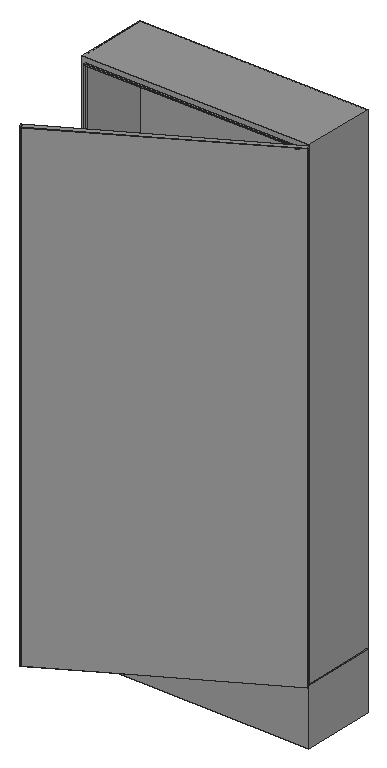
Revit family "Hager-Univers-IP55-D275-H1900-Cl.I-Steel_encl-NoHosted-PL-en", category Equipement électrique, Revit 2020
Family settings
  Configuration du panneau = Deux colonnes, circuits au sein
  Cote de connecteur circulaire = Utiliser le diamètre
  Type d'élément = Tableau de raccordement
  Basée sur le plan de construction = Oui
  Toujours verticalement = Oui
  Couper avec des vides une fois chargée = Non
  Partagée = Non
  Point de calcul de pièce = Non
Parameters (values of type "Floor installation IP55 W800 H1900 D275  - FR13E2")
  Width Control [instance] = if([EF000008 - Width] > Min Width, [EF000008 - Width], Min Width)  # 800 mm
  Commentaires du type = [HG000003 - Range]  # "Univers"
  Thickness Door [instance] = if([EF009171 - Material plate thickness door/cover] > 3 mm, 3 mm, [EF009171 - Material plate thickness door/cover])  # 1.5 mm
  Seal Frame Offset [instance] = 17 mm  # constant formula
  Plinth Visibility [instance] = [HG000027 - Plinth height] > 0 mm  # yes
  Min Width [instance] = 100 mm  # constant formula
  Min Depth [instance] = (2 * [EF009170 - Material plate thickness cabinet]) + 1 mm  # 4 mm
  Min Height [instance] = 100 mm  # constant formula
  Internal Frame Depth [instance] = (Door System Depth * 0.5)  # 9 mm
  Panel Name [instance] = ""  # (empty or 0)
  Model = ""
  HG000027 - Plinth height = 200 mm
  HG000026 - Floor standing = yes
  HG000024 - Bottom section height = 600 mm
  HG000023 - Double section enclosure = no
  HG000016 - Door 3d visibility [instance] = yes
  HG000015 - Clearance visibility [instance] = no
  HG000014 - Door on the right [instance] = yes
  HG000013 - Door on the left [instance] = not([HG000014 - Door on the right])  # no
  HG000012 - Door swing angle [instance] = 30.00°
  HG000010 - Asymmetric doors = no
  HG000009 - Double swing door = no
  HG000006 - Flush mounted = no
  HG000004 - Manufacturer reference = "FR13E2"
  HG000003 - Range = "Univers"
  HG000002 - With door or cover = yes
  Frame Offset Bottom [instance] = 10 mm  # constant formula
  Frame Offset [instance] = 15 mm  # constant formula
  EF015940 - Cover with overpressure release = no
  EF011959 - Degree of protection (NEMA) = ""
  EF009554 - Number of openings for flange plates = 6
  EF009212 - Cover model = "EV000116 - Closed"
  EF009171 - Material plate thickness door/cover = 1.5 mm
  EF009170 - Material plate thickness cabinet = 1.5 mm
  EF008873 - Nominal current (In) = 800 A
  EF007800 - Suitable for lightning protection = no
  EF006306 - With lock = no
  EF006244 - Transparent cover/door = no
  EF005474 - Degree of protection (IP) = "EV006420 - IP55"
  EF004464 - Type of door = "EV002646 - Single"
  EF004427 - Number of modules = 396
  EF004293 - Impact strength = "EV008784 - IK10"
  EF003532 - Suitable for outdoor use = no
  EF002950 - Width in number of modular spacings = 24
  EF001613 - Circuit integrity = "EV000494 - None"
  EF001596 - Material housing = "EV000179 - Steel"
  EF001131 - Internal depth = 275 mm
  EF001088 - Extension possible = yes
  EF000437 - Number of conduit inlets = 6
  EF000339 - Type of cover = "EV004216 - Door"
  EF000266 - Number of rows = 11
  EF000218 - Built-in depth = 0 mm
  EF000118 - With mounting plate = no
  EF000116 - RAL-number = "7035"
  EF000049 - Depth = 275 mm
  EF000040 - Height = 1900 mm
  EF000008 - Width = 800 mm
  EF000007 - Colour = "EV000270 - Grey"
  EF000003 - Mounting method = "EV012274 - Floor installation"
  Door System Leaf Tolerance [instance] = 1.5 mm  # constant formula
  Door System Depth [instance] = 18 mm  # constant formula
  Door Height [instance] = Height Control - [HG000027 - Plinth height]  # 1700 mm
  Description = ""
  Default Elevation = 1219.2 mm
  Connector Offset [instance] = Height Control / 2  # 950 mm
  Fabricant = "Hager"  # constant formula
  Height Control [instance] = if([EF000040 - Height] > Min Height, [EF000040 - Height], Min Height)  # 1900 mm
  Depth Control [instance] = if([EF000049 - Depth] > Min Depth, [EF000049 - Depth], Min Depth)  # 275 mm
  Bottom Top Plate Trim [instance] = 1.5 mm  # constant formula
  Plinth height Ctrl [instance] = if([HG000027 - Plinth height] > 0 mm, [HG000027 - Plinth height], 12 mm)  # 200 mm
Types (5, lengths in mm): name | Width Control | HG000010 - Asymmetric doors | HG000009 - Double swing door | HG000004 - Manufacturer reference | EF009554 - Number of openings for flange plates | EF004464 - Type of door | EF004427 - Number of modules | EF000437 - Number of conduit inlets | EF000008 - Width
  Floor installation IP55 W1050 H1900 D275  - FR14E2 | 1050 | yes | yes | "FR14E2" | 8 | "EV003602 - Double" | 528 | 8 | 1050
  Floor installation IP55 W1300 H1900 D275  - FR15E2 | 1300 | yes | yes | "FR15E2" | 10 | "EV003602 - Double" | 660 | 10 | 1300
  Floor installation IP55 W300 H1900 D275  - FR11E2 | 300 | no | no | "FR11E2" | 2 | "EV002646 - Single" | 132 | 2 | 300
  Floor installation IP55 W550 H1900 D275  - FR12E2 | 550 | no | no | "FR12E2" | 4 | "EV002646 - Single" | 264 | 4 | 550
  Floor installation IP55 W800 H1900 D275  - FR13E2 | 800 | no | no | "FR13E2" | 6 | "EV002646 - Single" | 396 | 6 | 800
Reference planes
  plane 1 "Center (Front/Back)": y = 0
  plane 2: z = 0
  plane 3 "Center (Left/Right)": x = 0
  plane 4: y = 0
  plane 5: y = 0
  plane 6: z = 0
  plane 7: x = -400
  plane 8: x = 400
  plane 9: x = 398.5
  plane 10: x = -398.5
  plane 11: z = 200
  plane 12: z = 201.5
  plane 13: y = -275
  plane 14: y = -1.5
  plane 15: x = 0
  plane 16: y = -257
  plane 17: y = -273.5
  plane 18: y = -255.5
  plane 19: x = -383.5
  plane 20: x = 383.5
  plane 21: z = 211.5
  plane 22: x = -383
  plane 23: x = 383
  plane 24: z = 200
  plane 25: z = 1900
  plane 26: z = 1900
  plane 27: z = 1883.5
  plane 28: z = 1898.5
Forms (mm)
  Extrusion 1, solid, material "Hager_Steel_RAL7035_Light_Grey", detail levels medium+fine
    sketch origin (-208.679, -4572, 200) x (-1, 0, 0) y (0, -1, 0)
      loop
        line (191.321, -4315) -> (-608.679, -4315) -> (-608.679, -4572) -> (191.321, -4572) -> (191.321, -4315)
    from 0 to 1700
  Extrusion 2, void
    sketch origin (-350.771, -275, 1219.2) x (1, 0, 0) y (0, 0, 1)
      loop
        line (-47.729, 679.3) -> (-47.729, -1017.7) -> (749.271, -1017.7) -> (749.271, 679.3) -> (-47.729, 679.3)
    from -19.5 to -273.5
  Extrusion 3, void
    sketch origin (-290.084, -257, 1219.2) x (1, 0, 0) y (0, 0, 1)
      loop
        line (-93.416, -1007.7) -> (673.584, -1007.7) -> (673.584, 664.3) -> (-93.416, 664.3) -> (-93.416, -1007.7)
    from 0 to -1.5
  Extrusion 4, solid, material "Hager_Steel_RAL7035_Light_Grey", visible <- "Plinth Visibility", detail levels medium+fine
    sketch origin (0, 0, 0) x (1, 0, 0) y (0, 1, 0)
      loop
        line (-400, 0) -> (-400, -257) -> (400, -257) -> (400, 0) -> (-400, 0)
    from 0 to 200 <- "Plinth height Ctrl"
  Extrusion 5, solid, material "Hager_Steel_RAL7035_Light_Grey", detail levels coarse
    sketch origin (0, 0, 0) x (1, 0, 0) y (0, 1, 0)
      loop
        line (-400, 0) -> (-400, -275) -> (400, -275) -> (400, 0) -> (-400, 0)
    from 0 to 1900 <- "Height Control"
  Sweep 6, void
    path in 3D
      loop
        line (-400, -257, 200) -> (400, -257, 200) -> (400, 0, 200) -> (-400, 0, 200) -> (-400, -257, 200)
    profile origin (-400, -128.5, 200) x (1, 0, 0) y (0, 0, 1)
      loop
        line (0, 0) -> (0, -1.5) -> (1.5, -1.5)
        arc (1.5, -1.5) -> (1.061, -0.439) -> (0, 0) r 1.5
  Extrusion 7, solid, material "Hager_Steel_RAL7035_Light_Grey", detail levels fine
    sketch origin (-400, -257, 200) x (1, 0, 0) y (0, 0, 1)
      loop
        line (16.5, 11.5) -> (783.5, 11.5) -> (783.5, 1683.5) -> (16.5, 1683.5) -> (16.5, 11.5)
      loop
        line (15, 10) -> (785, 10) -> (785, 1685) -> (15, 1685) -> (15, 10)
    from 0 to 9 <- "Internal Frame Depth"
Cuts and joins
  Extrusion 2, Extrusion 3 cuts Extrusion 1
  Sweep 6 cuts Extrusion 4
Lines and regions (mm)
  Masking region 1
    outline origin (0, 0, 0) x (1, 0, 0) y (0, 1, 0)
      loop
        line (-400, 0) -> (-400, -275) -> (400, -275) -> (400, 0) -> (-400, 0)
  Masking region 2, detail levels coarse
    outline origin (-290.084, -257, 1219.2) x (-1, 0, 0) y (0, 0, 1)
      loop
        line (-690.084, -1219.2) -> (109.916, -1219.2) -> (109.916, 680.8) -> (-690.084, 680.8) -> (-690.084, -1219.2)
  Masking region 3, detail levels coarse
    outline origin (0, 0, 0) x (0, 1, 0) y (0, 0, 1)
      loop
        line (0, 0) -> (0, 1900) -> (-275, 1900) -> (-275, 0) -> (0, 0)
  Masking region 4, visible <- "Plinth Visibility", detail levels medium+fine
    outline origin (0, 0, 0) x (0, 1, 0) y (0, 0, 1)
      loop
        line (-1.5, 200) -> (-255.5, 200)
        arc (-255.5, 200) -> (-255.939, 198.939) -> (-257, 198.5) r 1.5
        line (-257, 198.5) -> (-257, 0) -> (0, 0) -> (0, 198.5)
        arc (0, 198.5) -> (-1.061, 198.939) -> (-1.5, 200) r 1.5
  Masking region 5, detail levels medium+fine
    outline origin (0, 0, 594.038) x (0, 1, 0) y (0, 0, 1)
      loop
        line (0, -394.038) -> (0, 1305.962) -> (-257, 1305.962) -> (-257, -394.038) -> (0, -394.038)
  Masking region 6, detail levels medium+fine
    outline origin (-359.7, -257, 1211.883) x (-1, 0, 0) y (0, 0, 1)
      loop
        line (-759.7, -1011.883) -> (40.3, -1011.883) -> (40.3, 688.117) -> (-759.7, 688.117) -> (-759.7, -1011.883)
  Masking region 7, visible <- "Plinth Visibility", detail levels medium+fine
    outline origin (-320.334, -257, 1041.368) x (-1, 0, 0) y (0, 0, 1)
      loop
        line (-720.334, -1041.368) -> (79.666, -1041.368) -> (79.666, -842.868)
        arc (79.666, -842.868) -> (78.606, -842.429) -> (78.166, -841.368) r 1.5
        line (78.166, -841.368) -> (-718.834, -841.368)
        arc (-718.834, -841.368) -> (-719.273, -842.429) -> (-720.334, -842.868) r 1.5
        line (-720.334, -842.868) -> (-720.334, -1041.368)
  sketch lines
    curve 1: line (-400, 0, 200) -> (-400, -257, 200)
    curve 2: line (-400, -257, 200) -> (400, -257, 200)
    curve 3: line (400, 0, 200) -> (-400, 0, 200)
    curve 4: line (400, -257, 200) -> (400, 0, 200)
Dimensions and locks
  locked: plane 1 "Center (Front/Back)" to plane 5
  "EF009170 - Material plate thickness cabinet": plane 7 to plane 10
  "EF009170 - Material plate thickness cabinet": plane 8 to plane 9
  equal spacing: plane 7, plane 3 "Center (Left/Right)", plane 8
  "Width Control": plane 7 to plane 8
  "Depth Control": plane 4 to plane 13
  "EF009170 - Material plate thickness cabinet": plane 4 to plane 14
  "Height Control": plane 25 to level
  "HG000027 - Plinth height": plane 11 to level
  "EF009170 - Material plate thickness cabinet": plane 12 to plane 11
  "EF009170 - Material plate thickness cabinet": plane 17 to plane 13
  "EF009170 - Material plate thickness cabinet": plane 18 to plane 16
  "Frame Offset Bottom": plane 21 to plane 12
  "Frame Offset": plane 10 to plane 19
  "Frame Offset": plane 9 to plane 20
  "Door System Depth": plane 16 to plane 13
  "Seal Frame Offset": plane 7 to plane 22
  "Seal Frame Offset": plane 8 to plane 23
  "EF009170 - Material plate thickness cabinet": plane 26 to plane 28
  "Frame Offset": plane 28 to plane 27
  "Connector Offset": plane 2 to connector elem
  "Bottom Top Plate Trim": profile plane to Sweep 6 sketch curve
  "Bottom Top Plate Trim": Sweep 6 sketch curve to Sweep 6 sketch curve
  "Plinth height Ctrl": Masking region 4 sketch curve to level
  "Plinth height Ctrl": Masking region 7 sketch curve to level
  "Thickness Door": Extrusion 7 sketch curve to Extrusion 7 sketch curve  (x4)
  "Bottom Top Plate Trim": radius of Sweep 6 sketch curve
  "Bottom Top Plate Trim": radius of Masking region 4 sketch curve  (x2)
  "Bottom Top Plate Trim": radius of Masking region 7 sketch curve  (x2)
  aligned and locked: Extrusion 2 sketch curve to plane 12
  aligned and locked: Extrusion 2 sketch curve to plane 9
  aligned and locked: Extrusion 2 sketch curve to plane 10
  aligned and locked: Extrusion 2 to plane 14
  aligned and locked: Extrusion 1 sketch curve to plane 4
  aligned and locked: plane 8 to Extrusion 1 sketch curve
  aligned and locked: plane 7 to Extrusion 1 sketch curve
  aligned and locked: Extrusion 2 to plane 18
  aligned and locked: Extrusion 3 sketch curve to plane 19
  aligned and locked: plane 20 to Extrusion 3 sketch curve
  aligned and locked: Extrusion 3 to Extrusion 2
  aligned and locked: Extrusion 3 sketch curve to plane 21
  aligned and locked: plane 3 "Center (Left/Right)" to nested 1
  aligned and locked: Extrusion 1 sketch curve to plane 16
  aligned and locked: Extrusion 4 sketch curve to cut or joined group of Extrusion 1, Extrusion 2, Extrusion 3
  aligned and locked: Masking region 1 sketch curve to plane 7
  aligned and locked: Masking region 1 sketch curve to plane 5
  aligned and locked: Masking region 1 sketch curve to plane 8
  aligned and locked: Masking region 2 sketch curve to level
  aligned and locked: level to Masking region 3 sketch curve
  aligned and locked: plane 1 "Center (Front/Back)" to Masking region 3 sketch curve
  aligned and locked: plane 13 to Masking region 3 sketch curve
  aligned and locked: plane 5 to Masking region 4 sketch curve
  aligned and locked: Masking region 2 sketch curve to plane 8
  aligned and locked: Masking region 2 sketch curve to plane 7
  aligned and locked: plane 7 to nested 2
  aligned and locked: nested 2 to plane 5
  aligned and locked: plane 5 to Masking region 5 sketch curve
  aligned and locked: plane 26 to Masking region 5 sketch curve
  aligned and locked: Extrusion 5 sketch curve to plane 8
  aligned and locked: Extrusion 5 sketch curve to plane 7
  aligned and locked: Extrusion 5 sketch curve to plane 5
  aligned and locked: Extrusion 3 sketch curve to plane 27
  aligned and locked: Extrusion 2 sketch curve to plane 28
  aligned and locked: Masking region 2 to plane 25
  aligned and locked: Extrusion 4 to plane 16
  aligned and locked: profile plane to Sweep 6 sketch curve
  aligned and locked: Masking region 5 sketch curve to plane 24
  aligned and locked: level to Masking region 4 sketch curve
  aligned and locked: Masking region 1 to plane 13
  aligned and locked: nested 1 to plane 16
  aligned and locked: Masking region 3 to plane 25
  aligned and locked: plane 16 to Masking region 4 sketch curve
  aligned and locked: Masking region 5 sketch curve to plane 16
  aligned and locked: plane 24 to plane 11
  aligned and locked: plane 26 to plane 25
  aligned and locked: plane 26 to cut or joined group of Extrusion 1, Extrusion 2, Extrusion 3
  aligned and locked: nested 1 to plane 24
  aligned and locked: Extrusion 1 to Extrusion 3
  aligned and locked: Masking region 6 sketch curve to plane 8
  aligned and locked: Masking region 6 sketch curve to plane 24
  aligned and locked: Masking region 6 sketch curve to plane 7
  aligned and locked: Masking region 6 sketch curve to plane 26
  aligned and locked: Masking region 7 sketch curve to plane 7
  aligned and locked: level to Masking region 7 sketch curve
  aligned and locked: Masking region 7 sketch curve to plane 8
  aligned and locked: Extrusion 7 sketch curve to cut or joined group of Extrusion 1, Extrusion 2, Extrusion 3  (x4)
Automatic sketch dimensions
  plane 19 to Extrusion 3 sketch curve = 0 mm
  Extrusion 3 sketch curve to plane 20 = 0 mm
  Extrusion 3 sketch curve to plane 21 = 0 mm
  Extrusion 4 sketch curve to plane 7 = 0 mm
  Extrusion 4 sketch curve to plane 8 = 0 mm
  Extrusion 4 sketch curve to plane 16 = 0 mm
  Masking region 1 sketch curve to plane 13 = 0 mm
  Masking region 2 sketch curve to plane 25 = 0 mm
  Masking region 3 sketch curve to plane 25 = 0 mm
  Extrusion 5 sketch curve to plane 13 = 0 mm
  profile plane to Sweep 6 sketch curve = 0 mm
Nested families
  nested 1: "EC000058_Univers_Door" at (0, -257, 200), Double <- "HG000009 - Double swing door", Transparent <- "EF006244 - Transparent cover/door", Angle <- "HG000012 - Door swing angle", Door_Right <- "HG000014 - Door on the right", Assymetrical <- "HG000010 - Asymmetric doors", Door <- "HG000002 - With door or cover", Width_Ctrl <- "Width Control", 3d_Door <- "HG000016 - Door 3d visibility", Clearance <- "HG000015 - Clearance visibility", Door_Left <- "HG000013 - Door on the left", Width <- "Width Control", Door_Depth <- "Door System Depth", Leaf_Tolerance <- "Door System Leaf Tolerance", Height <- "Door Height", Lock_Visibility <- "EF006306 - With lock", Thickness <- "Thickness Door", type "EC000058_Univers_Door", detail levels medium+fine
    with min_wh 4 mm, Width_Ctrl 800 mm, Width 800 mm, Transparent no, Thickness 1.5 mm, Seal_Material Hager_Rubber, Lock_Visibility no, Lock_Material Hager_Plastic_RAL9005_Jet_Black, Leaf_Width 800 mm, Leaf_Tolerance_External_Sides 0 mm, Leaf_Tolerance 1.5 mm, Leaf_Offset 0 mm, Leaf_Height 1697 mm, Leaf_2_Width 800 mm, Leaf_2_Offset 400 mm, Leaf_1_Width 800 mm, Leaf_1_Offset 400 mm, Height_Ctrl 1700 mm, Height 1700 mm, Glass_Material Hager_Glass, Double_Clearance_Ctrl no, Double no, Door_Right_Ctrl yes, Door_Right yes, Door_Material Hager_Steel_RAL7035_Light_Grey, Door_Left_Ctrl no, Door_Left no, Door_Depth 18 mm, Door yes, Clearance_Material Hager_Clearance, Clearance_Depth 800 mm, Clearance_Ctrl no, Clearance no, Assymetrical no, Angle 30.00°, 3d_Door yes
  nested 2: "Hager_Enclosure_Symbol" at (-400, 0, 0), Height <- "Depth Control", Width <- "Width Control", type "Hager_Enclosure_Symbol"
    with Width_Ctrl 800 mm, Width 800 mm, Height_Ctrl 275 mm, Height 275 mm, A_Width_Int 18.047 mm, A_Width 216.562 mm, A_Height_Ctrl 240.625 mm, A_Height 240.625 mm
Connectors
  electrical at (0, 0, 950)
    settings: on plane 1 "Center (Front/Back)", index 1, voltage 0 V, apparent load 0 VA, apparent load phase1 0 VA, apparent load phase2 0 VA, apparent load phase3 0 VA, power factor 1, load classification "Other", number of poles 1, system type 30, power factor state 1, is connector primary yes, connector utility no, sub classification motor no, connector description ""
Definition of nested family "EC000058_Univers_Door"
  Parameters (values of type "EC000058_Univers_Door")
    min_wh [instance] = (2 * Thickness) + 1 mm  # 11 mm
    Width_Ctrl [instance] = 400 mm
    Width [instance] = 500 mm
    Transparent [instance] = yes
    Thickness [instance] = 5 mm
    Seal_Material [instance] = none
    Lock_Visibility [instance] = yes
    Lock_Material [instance] = none
    Leaf_Width [instance] = if((Width_Ctrl - 2 * Leaf_Tolerance_External_Sides) > 0 mm, (Width_Ctrl - 2 * Leaf_Tolerance_External_Sides), min_wh)  # 400 mm
    Leaf_Tolerance_External_Sides [instance] = 0 mm  # constant formula
    Leaf_Tolerance [instance] = 1.5 mm
    Leaf_Offset [instance] = 0 mm  # constant formula
    Leaf_Height [instance] = if((Height_Ctrl - 2 * Leaf_Tolerance) > 0 mm, (Height_Ctrl - 2 * Leaf_Tolerance), min_wh)  # 497 mm
    Leaf_2_Width [instance] = if(and(and(Double, Assymetrical), Door_Left), (Leaf_Width / 3) - (Leaf_Tolerance / 2), if(and(and(Double, Assymetrical), Door_Right), (Leaf_Width / 3) * 2 - (Leaf_Tolerance / 2), if(and(Double, not(Assymetrical)), (Leaf_Width / 2) - Leaf_Tolerance, Leaf_Width)))  # 400 mm
    Leaf_2_Offset [instance] = if(and(Double, Assymetrical), Leaf_2_Width / 2, if(and(Double, not(Assymetrical)), Leaf_Width / 4, Leaf_Width / 2))  # 200 mm
    Leaf_1_Width [instance] = if(and(and(Double, Assymetrical), Door_Right), (Leaf_Width / 3) - (Leaf_Tolerance / 2), if(and(and(Double, Assymetrical), Door_Left), (Width / 3) * 2 - (Leaf_Tolerance / 2), if(and(Double, not(Assymetrical)), (Leaf_Width / 2) - Leaf_Tolerance, Leaf_Width)))  # 400 mm
    Leaf_1_Offset [instance] = if(and(Double, Assymetrical), Leaf_1_Width / 2, if(and(Double, not(Assymetrical)), Leaf_Width / 4, Leaf_Width / 2))  # 200 mm
    Height_Ctrl [instance] = if(Height > min_wh, Height, min_wh)  # 500 mm
    Height [instance] = 500 mm
    Glass_Material [instance] = none
    Double_Clearance_Ctrl [instance] = and(Double, Clearance)  # no
    Double [instance] = no
    Door_Right_Ctrl [instance] = and(or(Door_Right, Double), Door)  # yes
    Door_Right [instance] = yes
    Door_Material [instance] = none
    Door_Left_Ctrl [instance] = and(or(Door_Left, Double), Door)  # no
    Door_Left [instance] = no
    Door_Depth [instance] = 30 mm
    Door [instance] = yes
    Default Elevation = 1219.2 mm
    Clearance_Material [instance] = none
    Clearance_Depth [instance] = if(Leaf_1_Width > Leaf_2_Width, Leaf_1_Width, Leaf_2_Width)  # 400 mm
    Clearance_Ctrl [instance] = and(not(Double), Clearance)  # yes
    Clearance [instance] = yes
    Assymetrical [instance] = yes
    Angle [instance] = 30.00°
    3d_Door [instance] = yes
  Reference planes
    plane 1 "Center (Front/Back)": y = 0
    plane 2 "Bottom": z = 0
    plane 3 "Center (Left/Right)": x = 0
    plane 4: z = 500
    plane 5: x = -200
    plane 6: x = 200
    plane 7: z = 500
    plane 8: x = -200
    plane 9: z = 0
    plane 10: x = 200
    plane 11: y = 0
    plane 12: z = 1.5
    plane 13: x = -600
    plane 14: y = -400
    plane 15: x = 600
    plane 16: x = 0
    plane 17: x = 0
    plane 18: x = -200
    plane 19: x = 200
    plane 20: z = 498.5
  Forms (mm)
    Extrusion 1, solid, material <- "Clearance_Material", visible <- "Double_Clearance_Ctrl"
      sketch origin (1200, 0, 0) x (1, 0, 0) y (0, 0, -1)
        loop
          line (-1800, -498.5) -> (-600, -498.5) -> (-600, 0) -> (-1800, 0) -> (-1800, -498.5)
      from 0 to -400
  Dimensions and locks
    equal spacing: plane 5, plane 3 "Center (Left/Right)", plane 6
    "Width_Ctrl": plane 5 to plane 6
    "Leaf_Offset": plane 5 to plane 8
    "Leaf_Offset": plane 6 to plane 10
    "Leaf_Offset": plane 9 to level
    "Leaf_Offset": plane 4 to plane 7
    "Height_Ctrl": plane 4 to level
    "Leaf_Tolerance": plane 12 to plane 9
    locked: plane 11 to plane 1 "Center (Front/Back)"
    "Leaf_1_Offset": plane 18 to plane 16
    "Leaf_2_Offset": plane 17 to plane 19
    "Leaf_1_Width": plane 13 to plane 8
    "Leaf_2_Width": plane 10 to plane 15
    "Clearance_Depth": plane 14 to plane 1 "Center (Front/Back)"
    "Leaf_Tolerance_External_Sides": plane 8 to plane 18
    "Leaf_Tolerance_External_Sides": plane 19 to plane 10
    "Leaf_Tolerance": plane 7 to plane 20
    aligned and locked: level to plane 2 "Bottom"
    aligned and locked: nested 1 to plane 16
    aligned and locked: nested 2 to plane 17
    aligned and locked: Extrusion 1 to plane 13
    aligned and locked: plane 15 to Extrusion 1
    aligned and locked: Extrusion 1 to plane 14
    aligned and locked: plane 12 to nested 1
    aligned and locked: nested 2 to plane 12
    aligned and locked: Extrusion 1 to plane 11
    aligned and locked: plane 20 to Extrusion 1
    aligned and locked: nested 2 to plane 11
    aligned and locked: nested 1 to plane 11
  Automatic sketch dimensions
    Extrusion 1 sketch curve to level = 0 mm
    plane 5 to Extrusion 1 sketch curve = 400 mm
    plane 6 to Extrusion 1 sketch curve = 400 mm
    Extrusion 1 sketch curve to plane 4 = 1.5 mm
  Nested families
    nested 1: "EC000058_Univers_Door_Leaf" at (0, 0, 1.5), Width <- "Leaf_1_Width", visible <- "Door_Left_Ctrl", Leaf_Height <- "Leaf_Height", Angle <- "Angle", 3d_Door <- "3d_Door", Transparent <- "Transparent", Clearance Material <- "Clearance_Material", Clearance <- "Clearance_Ctrl", Door_Material <- "Door_Material", Glass_Material <- "Glass_Material", Door_Depth <- "Door_Depth", Lock_Material <- "Lock_Material", Seal_Material <- "Seal_Material", Lock_Visibility <- "Lock_Visibility", Thickness <- "Thickness", type "EC000058_Univers_Door_Leaf"
      with Width 400 mm, Transparent_Glass_Offset 30 mm, Transparent_Ctrl yes, Transparent yes, Thickness 5 mm, Standard no, Seal_Material none, Seal_D2 8 mm, Seal_D1 1 mm, Offset_Internal_Frame 10 mm, Lock_Width 20 mm, Lock_Visibility_3d yes, Lock_Visibility yes, Lock_Thickness_3 3 mm, Lock_Thickness_2 1 mm, Lock_Thickness_1 3 mm, Lock_Radius_Offset_2 16 mm, Lock_Radius_Offset_1 15 mm, Lock_Radius_2 5 mm, Lock_Radius 6 mm, Lock_Offset 5 mm, Lock_Material none, Lock_Height 80 mm, Lock_Cover_Top_Offset_2d 17 mm, Lock_Cover_Height -65 mm, Leaf_Height 497 mm, Internal_Seal_Thickness 8 mm, Internal_Seal_Depth_2 4.5 mm, Internal_Frame_Depth 25 mm, Glass_Thickness -1 mm, Glass_Offset -2 mm, Glass_Material none, Door_Material none, Door_Depth 30 mm, Clearance Material none, Clearance yes, Angle_Ctrl 30.00°, Angle 30.00°, 3d_Door yes
    nested 2: "EC000058_Univers_Door_Leaf" at (0, 0, 1.5) x (-1, 0, 0) z (0, 0, 1), Width <- "Leaf_2_Width", visible <- "Door_Right_Ctrl", Leaf_Height <- "Leaf_Height", Angle <- "Angle", 3d_Door <- "3d_Door", Transparent <- "Transparent", Clearance Material <- "Clearance_Material", Clearance <- "Clearance_Ctrl", Door_Material <- "Door_Material", Glass_Material <- "Glass_Material", Door_Depth <- "Door_Depth", Lock_Material <- "Lock_Material", Seal_Material <- "Seal_Material", Lock_Visibility <- "Lock_Visibility", Thickness <- "Thickness", type "EC000058_Univers_Door_Leaf"
      with Width 400 mm, Transparent_Glass_Offset 30 mm, Transparent_Ctrl yes, Transparent yes, Thickness 5 mm, Standard no, Seal_Material none, Seal_D2 8 mm, Seal_D1 1 mm, Offset_Internal_Frame 10 mm, Lock_Width 20 mm, Lock_Visibility_3d yes, Lock_Visibility yes, Lock_Thickness_3 3 mm, Lock_Thickness_2 1 mm, Lock_Thickness_1 3 mm, Lock_Radius_Offset_2 16 mm, Lock_Radius_Offset_1 15 mm, Lock_Radius_2 5 mm, Lock_Radius 6 mm, Lock_Offset 5 mm, Lock_Material none, Lock_Height 80 mm, Lock_Cover_Top_Offset_2d 17 mm, Lock_Cover_Height -65 mm, Leaf_Height 497 mm, Internal_Seal_Thickness 8 mm, Internal_Seal_Depth_2 4.5 mm, Internal_Frame_Depth 25 mm, Glass_Thickness -1 mm, Glass_Offset -2 mm, Glass_Material none, Door_Material none, Door_Depth 30 mm, Clearance Material none, Clearance yes, Angle_Ctrl 30.00°, Angle 30.00°, 3d_Door yes
  Definition of nested family "EC000058_Univers_Door_Leaf"
    Parameters (values of type "EC000058_Univers_Door_Leaf")
      Width [instance] = 2000 mm
      Transparent_Glass_Offset [instance] = 30 mm
      Transparent_Ctrl [instance] = and(Transparent, [3d_Door])  # yes
      Transparent [instance] = yes
      Thickness [instance] = 5 mm
      Standard [instance] = and(not(Transparent), [3d_Door])  # no
      Seal_Material [instance] = none
      Seal_D2 [instance] = 8 mm  # constant formula
      Seal_D1 [instance] = 1 mm  # constant formula
      Offset_Internal_Frame [instance] = 10 mm  # constant formula
      Lock_Width [instance] = 20 mm  # constant formula
      Lock_Visibility_3d [instance] = and(Lock_Visibility, [3d_Door])  # yes
      Lock_Visibility [instance] = yes
      Lock_Thickness_3 [instance] = 3 mm  # constant formula
      Lock_Thickness_2 [instance] = 1 mm  # constant formula
      Lock_Thickness_1 [instance] = 3 mm  # constant formula
      Lock_Radius_Offset_2 [instance] = Lock_Radius_Offset_1 + 1 mm  # 16 mm
      Lock_Radius_Offset_1 [instance] = 15 mm  # constant formula
      Lock_Radius_2 [instance] = Lock_Radius - 1 mm  # 5 mm
      Lock_Radius [instance] = 6 mm  # constant formula
      Lock_Offset [instance] = 5 mm  # constant formula
      Lock_Material [instance] = none
      Lock_Height [instance] = 80 mm  # constant formula
      Lock_Cover_Top_Offset_2d [instance] = Lock_Radius_Offset_2 + 1 mm  # 17 mm
      Lock_Cover_Height [instance] = -(Lock_Height - Lock_Radius_Offset_1)  # -65 mm
      Leaf_Height [instance] = 2720.336 mm
      Internal_Seal_Thickness [instance] = 8 mm  # constant formula
      Internal_Seal_Depth_2 [instance] = 4.5 mm  # constant formula
      Internal_Frame_Depth [instance] = if(Door_Depth - Thickness > 5 mm, Door_Depth - Thickness, 5 mm)  # 25 mm
      Glass_Thickness [instance] = if(Thickness > 15 mm, Glass_Offset + 10 mm, -1 mm)  # -1 mm
      Glass_Offset [instance] = if(Thickness > 15 mm, -(Thickness + 10 mm) / 2, -2 mm)  # -2 mm
      Glass_Material [instance] = none
      Door_Material [instance] = none
      Door_Depth [instance] = 30 mm
      Default Elevation = 0 mm
      Clearance Material [instance] = none
      Clearance [instance] = yes
      Angle_Ctrl [instance] = if(Angle > 180.00°, 180.00°, Angle)  # 90.00°
      Angle [instance] = 90.00°
      3d_Door [instance] = yes
    Reference planes
      plane 1 "Center (Front/Back)": y = 0
      plane 2: z = 0
      plane 3 "Center (Left/Right)": x = 0
      plane 4: y = 2000
      plane 5: x = -1000
      plane 6: x = 1000
      plane 7: x = -3000
      plane 8: z = 2720.336
      plane 9: z = 30
      plane 10: z = 2690.336
      plane 11: x = 970
      plane 12: x = -970
      plane 13: y = -3
      plane 14: z = 107.833
      plane 15: y = -5
      plane 16: y = -223.314
      plane 17: x = -1000
      plane 18: z = 1360.168
      plane 19: y = 30
    Forms (mm)
      Extrusion 1, solid, material <- "Clearance Material", visible <- "Clearance"
        sketch origin (0, 0, 0) x (1, 0, 0) y (0, 0, 1)
          loop
            line (-3000, 2720.336) -> (-3000, 0) -> (1000, 0) -> (1000, 2720.336) -> (-3000, 2720.336)
        from 0 to -2000
      Extrusion 2, solid, material <- "Door_Material", visible <- "Standard", detail levels medium+fine
        sketch origin (-1000, 0, 0) x (0, 1, 0) y (-1, 0, 0)
          loop
            line (0, 30) -> (0, 25) -> (2000, 25) -> (2000, 30) -> (0, 30)
        from 0 to 2720.336 <- "Leaf_Height"
      Extrusion 3, solid, material <- "Door_Material", visible <- "Transparent_Ctrl", detail levels medium+fine
        sketch origin (-1000, 0, 0) x (0, 1, 0) y (-1, 0, 0)
          loop
            line (0, 25) -> (2000, 25) -> (2000, 30) -> (0, 30) -> (0, 25)
        from 0 to 2720.336 <- "Leaf_Height"
      Extrusion 4, void
        sketch origin (-1025, 2000, 0) x (0, 1, 0) y (0, 0, -1)
          loop
            line (-30, -2690.336) -> (-30, -30) -> (-1970, -30) -> (-1970, -2690.336) -> (-30, -2690.336)
        from 0 to 5 <- "Thickness"
      Sweep 5, solid, material <- "Seal_Material", visible <- "Transparent_Ctrl", detail levels fine
        path in 3D
          loop
            line (-1025, 30, 30) -> (-1025, 30, 2690.336) -> (-1025, 1970, 2690.336) -> (-1025, 1970, 30) -> (-1025, 30, 30)
        profile origin (-1025, 1000, 30) x (1, 0, 0) y (0, 0, 1)
          loop
            line (0, 0) -> (0, -8) -> (1, -8) -> (1, 0) -> (0, 0)
      Extrusion 6, solid, material <- "Glass_Material", visible <- "Transparent_Ctrl", detail levels medium+fine
        sketch origin (-1030, 0, 0) x (0, 1, 0) y (0, 0, -1)
          loop
            line (1970, -2690.336) -> (1970, -30) -> (30, -30) -> (30, -2690.336) -> (1970, -2690.336)
        from -2 <- "Glass_Offset" to -1 <- "Glass_Thickness"
      Extrusion 7, solid, material <- "Door_Material", visible <- "3d_Door", detail levels medium+fine
        sketch origin (-1025, 2000, 0) x (0, -1, 0) y (0, 0, -1)
          loop
            line (0, -2720.336) -> (2000, -2720.336) -> (2000, 0) -> (0, 0) -> (0, -2720.336)
          loop
            line (1995, -5) -> (5, -5) -> (5, -2715.336) -> (1995, -2715.336) -> (1995, -5)
        from 0 to 25 <- "Internal_Frame_Depth"
      Sweep 8, solid, material <- "Seal_Material", visible <- "Transparent_Ctrl", detail levels fine
        path in 3D
          loop
            line (-1025, 0, 0) -> (-1025, 2000, 0) -> (-1025, 2000, 2720.336) -> (-1025, 0, 2720.336) -> (-1025, 0, 0)
        profile origin (-1025, 0, 1360.168) x (1, 0, 0) y (0, 1, 0)
          loop
            line (0, 10) -> (2.975, 10)
            arc (2.975, 10) -> (4.053, 10.447) -> (4.5, 11.525) r 1.525
            line (4.5, 11.525) -> (4.5, 16.527)
            arc (4.5, 16.527) -> (4.069, 17.569) -> (3.027, 18) r 1.473
            line (3.027, 18) -> (0, 18) -> (0, 10)
      Extrusion 9, solid, material <- "Lock_Material", visible <- "Lock_Visibility_3d", detail levels fine
        sketch origin (-1030, 0, 0) x (0, 1, 0) y (0, 0, -1)
          loop
            arc (1993.5, -1400.168) -> (1994.561, -1399.729) -> (1995, -1398.668) r 1.5
            line (1995, -1398.668) -> (1995, -1320.168) -> (1975, -1320.168) -> (1975, -1398.668)
            arc (1975, -1398.668) -> (1975.439, -1399.729) -> (1976.5, -1400.168) r 1.5
            line (1976.5, -1400.168) -> (1993.5, -1400.168)
        from 3 <- "Lock_Thickness_1" to 0
      Blend 10, solid, material <- "Lock_Material", visible <- "Lock_Visibility_3d", detail levels fine
        base sketch origin (-1033, 0, 0) x (0, 1, 0) y (0, 0, -1)
          loop
            line (1975, -1320.168) -> (1975, -1398.668)
            arc (1975, -1398.668) -> (1975.439, -1399.729) -> (1976.5, -1400.168) r 1.5
            line (1976.5, -1400.168) -> (1993.5, -1400.168)
            arc (1993.5, -1400.168) -> (1994.561, -1399.729) -> (1995, -1398.668) r 1.5
            line (1995, -1398.668) -> (1995, -1320.168) -> (1975, -1320.168)
        top sketch origin (-1033, 0, 0) x (0, 1, 0) y (0, 0, -1)
          loop
            line (1976, -1320.168) -> (1976, -1398.668)
            arc (1976, -1398.668) -> (1976.146, -1399.022) -> (1976.5, -1399.168) r 0.5
            line (1976.5, -1399.168) -> (1993.5, -1399.168)
            arc (1993.5, -1399.168) -> (1993.854, -1399.022) -> (1994, -1398.668) r 0.5
            line (1994, -1398.668) -> (1994, -1320.168) -> (1976, -1320.168)
        from 0 to 1 <- "Lock_Thickness_2"
      Blend 11, solid, material <- "Lock_Material", visible <- "Lock_Visibility_3d", detail levels fine
        base sketch origin (-1034, 0, 0) x (0, 1, 0) y (0, 0, -1)
          loop
            line (1978, -1320.168) -> (1978, -1384.168)
            arc (1978, -1384.168) -> (1985, -1391.168) -> (1992, -1384.168) r 7
            line (1992, -1384.168) -> (1992, -1320.168) -> (1978, -1320.168)
        top sketch origin (-1034, 0, 0) x (0, 1, 0) y (0, 0, -1)
          loop
            line (1991, -1320.168) -> (1979, -1320.168) -> (1979, -1383.168)
            arc (1979, -1383.168) -> (1985, -1389.168) -> (1991, -1383.168) r 6
            line (1991, -1383.168) -> (1991, -1320.168)
        from 0 to 3 <- "Lock_Thickness_3"
      Extrusion 12, solid, material <- "Lock_Material", visible <- "Lock_Visibility_3d", detail levels fine
        sketch origin (-1030, 1975, 1320.168) x (1, 0, 0) y (0, -1, 0)
          loop
            line (-7, -19) -> (-7, -1) -> (0, -1) -> (0, 0) -> (-8, 0) -> (-8, -20) -> (0, -20) -> (0, -19) -> (-7, -19)
        from 0 to -65 <- "Lock_Cover_Height"
      Extrusion 13, void
        sketch origin (-1038, 1995, 1320.168) x (-1, 0, 0) y (0, 0, -1)
          loop
            line (-5, -65) -> (0, -65) -> (-5, -60) -> (-5, -65)
        from 0 to 20 <- "Lock_Width"
      Extrusion 14, void
        sketch origin (-1038, 1975, 1320.168) x (0, -1, 0) y (0, 0, -1)
          loop
            circle (-10, -15.995) r 6
          loop
            circle (-10, -15.995) r 5
        from 0 to 2
      Extrusion 15, solid, material <- "Lock_Material", visible <- "Lock_Visibility_3d", detail levels medium
        sketch origin (-1030, 0, 0) x (0, 1, 0) y (0, 0, -1)
          loop
            arc (1993.5, -1400.168) -> (1994.561, -1399.729) -> (1995, -1398.668) r 1.5
            line (1995, -1398.668) -> (1995, -1320.168) -> (1975, -1320.168) -> (1975, -1398.668)
            arc (1975, -1398.668) -> (1975.439, -1399.729) -> (1976.5, -1400.168) r 1.5
            line (1976.5, -1400.168) -> (1993.5, -1400.168)
        from 8 to 0
    Cuts and joins
      Extrusion 4 cuts Extrusion 3
      Extrusion 13, Extrusion 14 cuts Extrusion 9
      Extrusion 14 cuts Blend 11
      Extrusion 13, Extrusion 14 cuts Extrusion 12
      joined: Extrusion 9, Blend 10, Blend 11, Extrusion 12
      Extrusion 14 cuts Extrusion 15
    Lines and regions (mm)
      Masking region 1, visible <- "Lock_Visibility", detail levels fine
        outline origin (0, 0, 0) x (0, 1, 0) y (0, 0, 1)
          loop
            line (30, 1320.168) -> (33, 1320.168) -> (33, 1400.168) -> (30, 1400.168) -> (30, 1320.168)
      Masking region 2, visible <- "Lock_Visibility", detail levels fine
        outline origin (0, 3.143, 0) x (0, 1, 0) y (0, 0, 1)
          loop
            line (29.857, 1354.168) -> (30.857, 1354.168) -> (30.857, 1366.168) -> (29.857, 1366.168) -> (29.857, 1354.168)
      Masking region 3, detail levels medium+fine
        outline origin (0, 0, 0) x (0, 1, 0) y (0, 0, 1)
          loop
            line (0, 0) -> (30, 0) -> (30, 2720.336) -> (0, 2720.336) -> (0, 0)
      Masking region 4, detail levels medium+fine
        outline origin (0, 0, 0) x (1, 0, 0) y (0, 0, 1)
          loop
            line (-1000, 2720.336) -> (-1000, 0) -> (1000, 0) -> (1000, 2720.336) -> (-1000, 2720.336)
      Masking region 5, visible <- "Lock_Visibility", detail levels fine
        outline origin (-47.116, 0, 0) x (1, 0, 0) y (0, 0, 1)
          loop
            arc (1024.616, 1399.168) -> (1023.556, 1398.729) -> (1023.116, 1397.668) r 1.5
            line (1023.116, 1397.668) -> (1023.116, 1320.168) -> (1041.116, 1320.168) -> (1041.116, 1397.668)
            arc (1041.116, 1397.668) -> (1040.677, 1398.729) -> (1039.616, 1399.168) r 1.5
            line (1039.616, 1399.168) -> (1024.616, 1399.168)
      Masking region 6, visible <- "Lock_Visibility", detail levels medium+fine
        outline origin (-25, 0, 0) x (1, 0, 0) y (0, 0, 1)
          loop
            arc (1001.5, 1400.168) -> (1000.439, 1399.729) -> (1000, 1398.668) r 1.5
            line (1000, 1398.668) -> (1000, 1320.168) -> (1020, 1320.168) -> (1020, 1398.668)
            arc (1020, 1398.668) -> (1019.561, 1399.729) -> (1018.5, 1400.168) r 1.5
            line (1018.5, 1400.168) -> (1001.5, 1400.168)
      Masking region 7, visible <- "Lock_Visibility", detail levels fine
        outline origin (-73.735, 0, 0) x (1, 0, 0) y (0, 0, 1)
          loop
            line (1051.735, 1382.168) -> (1065.735, 1382.168) -> (1065.735, 1384.168)
            arc (1065.735, 1384.168) -> (1058.735, 1391.168) -> (1051.735, 1384.168) r 7
            line (1051.735, 1384.168) -> (1051.735, 1382.168)
      Masking region 8, visible <- "Lock_Visibility", detail levels fine
        outline origin (-73.735, 0, 0) x (1, 0, 0) y (0, 0, 1)
          loop
            line (1052.735, 1382.168) -> (1064.735, 1382.168) -> (1064.735, 1383.168)
            arc (1064.735, 1383.168) -> (1058.735, 1389.168) -> (1052.735, 1383.168) r 6
            line (1052.735, 1383.168) -> (1052.735, 1382.168)
      Masking region 9, visible <- "Lock_Visibility", detail levels fine
        outline origin (-25, 0, 0) x (1, 0, 0) y (0, 0, 1)
          loop
            line (1020, 1320.168) -> (1020, 1382.168) -> (1000, 1382.168) -> (1000, 1320.168) -> (1020, 1320.168)
      Masking region 10, detail levels medium+fine
        outline origin (0, 0, 0) x (1, 0, 0) y (0, 0, 1)
          loop
            circle (985, 1335.144) r 6
      Masking region 11, detail levels fine
        outline origin (0, 0, 0) x (1, 0, 0) y (0, 0, 1)
          loop
            circle (985, 1335.144) r 5
      Masking region 12, visible <- "Lock_Visibility", detail levels fine
        outline origin (0, 12.767, 0) x (0, 1, 0) y (0, 0, 1)
          loop
            line (20.233, 1320.168) -> (21.233, 1320.168) -> (21.233, 1399.168) -> (20.233, 1400.168) -> (20.233, 1320.168)
      Masking region 13, visible <- "Lock_Visibility", detail levels fine
        outline origin (0, 13.767, -10) x (0, 1, 0) y (0, 0, 1)
          loop
            line (20.233, 1330.168) -> (23.233, 1330.168) -> (23.233, 1399.168) -> (20.233, 1402.168) -> (20.233, 1330.168)
      Masking region 14, visible <- "Lock_Visibility", detail levels fine
        outline origin (0, 12.767, -10) x (0, 1, 0) y (0, 0, 1)
          loop
            line (20.233, 1330.168) -> (25.233, 1330.168) -> (25.233, 1399.305) -> (20.233, 1394.305) -> (20.233, 1330.168)
      Masking region 15, visible <- "Lock_Visibility", detail levels medium
        outline origin (0, 0, 0) x (0, 1, 0) y (0, 0, 1)
          loop
            line (30, 1320.168) -> (38, 1320.168) -> (38, 1400.168) -> (30, 1400.168) -> (30, 1320.168)
      Masking region 16, visible <- "Lock_Visibility", detail levels fine
        outline origin (-1000, 0, 0) x (0, 1, 0) y (-1, 0, 0)
          loop
            line (1975, 30) -> (1995, 30) -> (1995, 38) -> (1975, 38) -> (1975, 30)
          loop
            line (1979, 37) -> (1976, 37) -> (1976, 34) -> (1978, 34) -> (1979, 37)
          loop
            line (1994, 37) -> (1991, 37) -> (1992, 34) -> (1994, 34) -> (1994, 37)
      Masking region 17, visible <- "Lock_Visibility", detail levels medium
        outline origin (-1000, 0, 0) x (0, 1, 0) y (-1, 0, 0)
          loop
            line (1975, 30) -> (1995, 30) -> (1995, 38) -> (1975, 38) -> (1975, 30)
      symbolic lines
        curve 1: line (1000, 0, 0) -> (-3000, 0, 0)
        curve 2: arc (1000, 0, 0) -> (-1000, 2000, 0) -> (-3000, 0, 0) r 2000
        curve 4: line (-1030, 0, 0) -> (-1030, 2000, 0)
      reference lines
        curve 3: line (-1000, 0, 0) -> (-1000, 2000, 0)
      symbolic lines, detail levels medium+fine
        curve 5: line (-1030, 2000, 0) -> (-1025, 2000, 0)
        curve 7: line (-1025, 0, 0) -> (-1030, 0, 0)
        curve 8: line (-1025, 0, 0) -> (-1000, 0, 0)
        curve 9: line (-1000, 0, 0) -> (-1000, 2000, 0)
        curve 10: line (-1000, 2000, 0) -> (-1025, 2000, 0)
      symbolic lines, detail levels fine
        curve 6: line (-1025, 2000, 0) -> (-1025, 0, 0)
      sketch lines
        curve 11: line (-1025, 0, 2720.336) -> (-1025, 0, 0)
        curve 12: line (-1025, 2000, 0) -> (-1025, 0, 0)
        curve 13: line (-1025, 2000, 2720.336) -> (-1025, 2000, 0)
        curve 14: line (-1025, 0, 2720.336) -> (-1025, 2000, 2720.336)
        curve 15: line (-1025, 1970, 30) -> (-1025, 30, 30)
        curve 16: line (-1025, 30, 30) -> (-1025, 30, 2690.336)
        curve 17: line (-1025, 1970, 2690.336) -> (-1025, 1970, 30)
        curve 18: line (-1025, 30, 2690.336) -> (-1025, 1970, 2690.336)
      symbolic lines, visible <- "Transparent", detail levels medium+fine
        curve 19: line (-970, 0, 2690.336) -> (970, 0, 2690.336)
        curve 20: line (-970, 0, 30) -> (-970, 0, 2690.336)
        curve 21: line (970, 0, 30) -> (-970, 0, 30)
        curve 22: line (970, 0, 2690.336) -> (970, 0, 30)
    Dimensions and locks
      "Width": plane 1 "Center (Front/Back)" to plane 4
      equal spacing: plane 5, plane 3 "Center (Left/Right)", plane 6
      "Width": plane 5 to plane 6
      "Width": plane 7 to plane 5
      "Leaf_Height": plane 8 to level
      "Width": curve 5 to curve 3
      "Width": curve 3 to curve 3
      plane 8 to plane 10 = 30 mm
      plane 9 to level = 30 mm
      plane 12 to plane 5 = 30 mm
      plane 6 to plane 11 = 30 mm
      Extrusion 1 to Extrusion 4 sketch curve = 30 mm
      "Transparent_Glass_Offset": curve 3 to Extrusion 4 sketch curve
      "Transparent_Glass_Offset": Extrusion 4 sketch curve to cut or joined group of Extrusion 3, Extrusion 4  (x2)
      cut or joined group of Extrusion 3, Extrusion 4 to Extrusion 6 sketch curve = 30 mm
      "Transparent_Glass_Offset": cut or joined group of Extrusion 3, Extrusion 4 to Extrusion 4 sketch curve
      "Thickness": curve 6 to curve 4
      "Thickness": Extrusion 7 sketch curve to Extrusion 7 sketch curve  (x4)
      "Door_Depth": curve 4 to curve 3
      "Offset_Internal_Frame": profile plane to Sweep 8 sketch curve
      "Internal_Seal_Thickness": Sweep 8 sketch curve to Sweep 8 sketch curve
      "Internal_Seal_Depth_2": profile plane to Sweep 8 sketch curve
      "Seal_D1": profile plane to Sweep 5 sketch curve
      "Seal_D2": profile plane to Sweep 5 sketch curve
      "Thickness": Extrusion 2 sketch curve to Extrusion 2 sketch curve
      equal spacing: Extrusion 9 sketch curve, plane 18, Extrusion 9 sketch curve  (x2)
      equal spacing: Masking region 1 sketch curve, plane 18, Masking region 1 sketch curve
      "Lock_Height": Masking region 1 sketch curve to Masking region 1 sketch curve
      "Lock_Radius": Masking region 2 sketch curve to plane 18 to Masking region 2 sketch curve
      Masking region 2 sketch curve to Masking region 1 = 1 mm
      "Door_Depth": plane 19 to plane 1 "Center (Front/Back)"
      "Lock_Thickness_1": Masking region 1 sketch curve to plane 19
      "Lock_Width": Extrusion 9 sketch curve to Extrusion 9 sketch curve
      "Lock_Height": Extrusion 9 sketch curve to Extrusion 9 sketch curve
      "Lock_Offset": cut or joined group of Extrusion 3, Extrusion 4 to Extrusion 9 sketch curve
      equal spacing: plane 8, plane 18, level
      "Lock_Radius_Offset_1": Blend 11 sketch curve to Blend 10
      locked: Blend 10 to Blend 11 sketch curve at 2  (x2)
      locked: var sketch to Blend 11 sketch curve at 1  (x2)
      "Lock_Radius_Offset_2": Blend 11 sketch curve to Blend 10
      locked: Extrusion 12 sketch curve to Extrusion 12 sketch curve at 1  (x3)
      Masking region 6 sketch curve to Masking region 6 sketch curve = 80 mm
      "Lock_Height": Masking region 6 sketch curve to Masking region 6 sketch curve
      "Lock_Width": Masking region 6 sketch curve to Masking region 6 sketch curve
      locked: Masking region 6 to Masking region 5 sketch curve at 1  (x3)
      locked: Masking region 5 to Masking region 7 sketch curve at 2  (x2)
      "Lock_Radius_Offset_1": Masking region 5 to Masking region 7 sketch curve
      "Lock_Radius_Offset_2": Masking region 5 to Masking region 8 sketch curve
      locked: Masking region 7 to Masking region 8 sketch curve at 1  (x2)
      "Lock_Cover_Top_Offset_2d": Masking region 5 to Masking region 9 sketch curve
      equal spacing: Masking region 9, Masking region 10 sketch curve, Masking region 9
      equal spacing: Masking region 9, Masking region 11 sketch curve, Masking region 9
      Extrusion 15 sketch curve to Extrusion 15 sketch curve = 80 mm
      "Lock_Width": Extrusion 15 sketch curve to Extrusion 15 sketch curve
      "Lock_Height": Extrusion 15 sketch curve to Extrusion 15 sketch curve
      equal spacing: Extrusion 15 sketch curve, plane 18, Extrusion 15 sketch curve
      "Lock_Thickness_3": Masking region 13 sketch curve to Masking region 13 sketch curve
      "Lock_Height": Masking region 12 sketch curve to Masking region 12 sketch curve
      locked: Masking region 13 sketch curve to Masking region 1 at 8
      locked: Masking region 14 sketch curve to Masking region 13 at 1
      locked: Masking region 14 sketch curve to Masking region 1 at 10.863
      "Lock_Height": Masking region 15 sketch curve to Masking region 15 sketch curve
      "Lock_Offset": Extrusion 15 sketch curve to cut or joined group of Extrusion 3, Extrusion 4
      "Lock_Offset": plane 6 to Masking region 6 sketch curve
      radius of Sweep 8 sketch curve = 1.525 mm
      radius of Sweep 8 sketch curve = 1.473 mm
      radius of Extrusion 9 sketch curve = 1.5 mm  (x2)
      "Lock_Radius": radius of Extrusion 14 sketch curve
      "Lock_Radius_2": radius of Extrusion 14 sketch curve
      "Lock_Radius": radius of Masking region 10 sketch curve
      "Lock_Radius_2": radius of Masking region 11 sketch curve
      radius of Extrusion 15 sketch curve = 1.5 mm  (x2)
      "Angle_Ctrl": angle plane 1 "Center (Front/Back)" to curve 3
      locked: Masking region 12 sketch curve to Masking region 12 sketch curve (angle 45.00°)
      locked: Masking region 13 sketch curve to Masking region 13 sketch curve (angle 45.00°)
      locked: Masking region 14 sketch curve to Masking region 14 sketch curve (angle 45.00°)
      aligned and locked: level to plane 2
      aligned and locked: Extrusion 1 to curve 1
      aligned and locked: plane 6 to Extrusion 1
      aligned and locked: Extrusion 1 to plane 1 "Center (Front/Back)"
      aligned and locked: plane 4 to Extrusion 1
      aligned and locked: plane 8 to Extrusion 1
      aligned and locked: curve 7 to Extrusion 2 sketch curve
      aligned and locked: curve 5 to Extrusion 2 sketch curve
      aligned and locked: curve 7 to Extrusion 3 sketch curve
      aligned and locked: Extrusion 3 sketch curve to curve 4
      aligned and locked: Extrusion 3 sketch curve to curve 6
      aligned and locked: Extrusion 3 sketch curve to curve 5
      aligned and locked: curve 9 to curve 3
      aligned and locked: Extrusion 7 sketch curve to cut or joined group of Extrusion 3, Extrusion 4  (x4)
      aligned and locked: plane 17 to curve 3
      aligned and locked: plane 1 "Center (Front/Back)" to curve 3
      aligned and locked: plane 17 to plane 5
      aligned and locked: Sweep 8 sketch curve to profile plane
      aligned and locked: Sweep 5 sketch curve to profile plane  (x2)
      aligned and locked: Masking region 1 to Masking region 2 sketch curve
      aligned and locked: plane 19 to Masking region 1 sketch curve
      aligned and locked: plane 1 "Center (Front/Back)" to Masking region 3 sketch curve
      aligned and locked: plane 19 to Masking region 3 sketch curve
      aligned and locked: level to Masking region 3 sketch curve
      aligned and locked: Masking region 3 sketch curve to plane 8
      aligned and locked: plane 17 to Masking region 4 sketch curve
      aligned and locked: level to Masking region 4 sketch curve
      aligned and locked: Masking region 4 sketch curve to plane 8
      aligned and locked: plane 12 to curve 20
      aligned and locked: plane 10 to curve 19
      aligned and locked: plane 11 to curve 22
      aligned and locked: curve 21 to plane 9
      aligned and locked: Extrusion 2 sketch curve to cut or joined group of Extrusion 3, Extrusion 4
      aligned and locked: Blend 10 sketch curve to Extrusion 9  (x4)
      aligned and locked: Extrusion 9 to Blend 10 sketch curve
      aligned and locked: Blend 10 to Blend 11 sketch curve
      aligned and locked: Extrusion 12 sketch curve to Blend 11
      aligned and locked: Extrusion 12 sketch curve to Extrusion 9  (x4)
      aligned and locked: Masking region 5 sketch curve to Masking region 6
      aligned and locked: Masking region 9 sketch curve to Masking region 6  (x3)
      aligned and locked: Masking region 12 sketch curve to Masking region 1
      aligned and locked: Masking region 13 sketch curve to Masking region 1
      aligned and locked: Masking region 12 to Masking region 14
      aligned and locked: Masking region 14 sketch curve to Masking region 1
      aligned and locked: Masking region 15 sketch curve to Masking region 14
      aligned and locked: Masking region 13 sketch curve to Masking region 12
      aligned and locked: Masking region 16 sketch curve to cut or joined group of Extrusion 14, Extrusion 15  (x4)
      aligned and locked: Masking region 16 sketch curve to cut or joined group of Extrusion 9, Blend 10, Blend 11, Extrusion 12, Extrusion 13, Extrusion 14  (x6)
      aligned and locked: cut or joined group of Extrusion 9, Blend 10, Blend 11, Extrusion 12, Extrusion 13, Extrusion 14 to Masking region 16 sketch curve
      aligned and locked: Masking region 17 sketch curve to cut or joined group of Extrusion 14, Extrusion 15  (x3)
      aligned and locked: Masking region 17 sketch curve to cut or joined group of Extrusion 9, Blend 10, Blend 11, Extrusion 12, Extrusion 13, Extrusion 14
      aligned and locked: Masking region 9 to Masking region 8 sketch curve
      aligned and locked: Masking region 9 to Masking region 7 sketch curve
    Automatic sketch dimensions
      plane 1 "Center (Front/Back)" to curve 2 = 0 mm
      curve 2 to plane 5 = 0 mm
      Extrusion 1 sketch curve to level = 0 mm
      Extrusion 1 sketch curve to plane 7 = 0 mm
      Extrusion 1 sketch curve to plane 6 = 0 mm
      Extrusion 1 sketch curve to plane 8 = 0 mm
      Extrusion 3 to Extrusion 6 sketch curve = 30 mm  (x4)
      Masking region 4 sketch curve to plane 6 = 0 mm
      Blend 10 sketch curve to Extrusion 9 = 1.5 mm
      Blend 10 sketch curve to Extrusion 9 = 1 mm
      Extrusion 13 sketch curve to Extrusion 12 = 0 mm  (x2)
      Extrusion 12 to Extrusion 13 sketch curve = 3 mm
      Extrusion 13 sketch curve to Extrusion 12 = 5 mm
      Extrusion 14 sketch curve to Extrusion 14 sketch curve = 0 mm  (x2)
      Extrusion 14 sketch curve to Extrusion 12 = 10 mm
      Extrusion 14 sketch curve to Extrusion 12 = 15.995 mm
      Masking region 5 sketch curve to Masking region 5 sketch curve = 1.5 mm  (x2)
      Masking region 10 sketch curve to plane 18 = 25.024 mm
      Masking region 11 sketch curve to plane 18 = 25.024 mm
      plane 19 to Masking region 14 sketch curve = 3 mm
      Masking region 16 sketch curve to Masking region 16 sketch curve = 3 mm
      curve 4 to curve 3 = 0 mm
      Blend 10 to Blend 11 sketch curve = 0 mm
      Masking region 6 sketch curve to Masking region 6 sketch curve = 1.5 mm  (x2)
      Masking region 6 sketch curve to plane 18 = 40 mm
      plane 19 to Masking region 12 sketch curve = 3 mm
      Masking region 12 sketch curve to Masking region 12 sketch curve = 1 mm
      Masking region 15 sketch curve to plane 19 = 0 mm
      Masking region 15 sketch curve to plane 18 = 40 mm
      radius of Blend 10 sketch curve to Extrusion 9 = 1 mm
Definition of nested family "Hager_Enclosure_Symbol"
  Parameters (values of type "Hager_Enclosure_Symbol")
    Width_Ctrl [instance] = if(Width > 1 mm, Width, 1 mm)  # 102.27 mm
    Width [instance] = 102.27 mm
    Height_Ctrl [instance] = if(Height > 1 mm, Height, 1 mm)  # 66.5 mm
    A_Width_Int [instance] = if(A_Width / 12 > 2 mm, A_Width / 12, 2 mm)  # 4.364 mm
    A_Width [instance] = if(A_Height_Ctrl * 0.9 > 2 mm, A_Height_Ctrl * 0.9, 2 mm)  # 52.369 mm
    A_Height_Ctrl [instance] = if(A_Height > 2 mm, A_Height, 2 mm)  # 58.188 mm
    Height [instance] = 66.5 mm
    A_Height [instance] = Height - (Height / 8)  # 58.188 mm
  Reference planes
    plane 1 "Centre (avant/arrière)": y = 0
    plane 2: z = 0
    plane 3 "Centre (gauche/droite)": x = 0
    plane 4: x = 52.369
    plane 5: y = 33.042
    plane 6: y = 41.77
    plane 7: y = 66.5
    plane 8: x = 26.184
    plane 9: y = 37.406
    plane 10: x = 102.27
    plane 11: y = 66.5
    plane 12: y = 8.313
  Lines and regions (mm)
    Filled region 1, type "Solid_Black", in view "Niveau de réf."
      outline origin (0, 0, 0) x (1, 0, 0) y (0, 1, 0)
        loop
          line (52.369, 66.5) -> (33.188, 54.536) -> (45.365, 45.006) -> (52.369, 66.5)
    Filled region 2, type "Solid_Black", in view "Niveau de réf."
      outline origin (0, 0, 0) x (1, 0, 0) y (0, 1, 0)
        loop
          line (0, 0) -> (102.27, 0) -> (102.27, 66.5) -> (0, 0)
    detail lines, in view "Niveau de réf."
      curve 1: line (0, 8.313, 0) -> (26.184, 41.77, 0)
      curve 2: line (26.184, 41.77, 0) -> (26.184, 33.042, 0)
      curve 3: line (26.184, 33.042, 0) -> (52.369, 66.5, 0)
  Dimensions and locks
    "A_Width": plane 3 "Centre (gauche/droite)" to plane 4
    equal spacing: plane 3 "Centre (gauche/droite)", plane 8, plane 4
    equal spacing: plane 6, plane 9, plane 5
    equal spacing: curve 3, Filled region 1 sketch curve, Filled region 1 sketch curve
    "Height_Ctrl": plane 1 "Centre (avant/arrière)" to plane 11
    "A_Height_Ctrl": plane 11 to plane 12
    equal spacing: plane 11, plane 9, plane 12
    "A_Width_Int": plane 6 to plane 9
    "Width_Ctrl": plane 3 "Centre (gauche/droite)" to plane 10
    angle Filled region 1 sketch curve to curve 3 = 20.00°
    angle curve 3 to Filled region 1 sketch curve = 20.00°
    locked: curve 3 to Filled region 1 sketch curve (angle 90.00°)
    aligned and locked: plane 10 to Filled region 2
    aligned and locked: plane 11 to Filled region 2 sketch curve
    aligned and locked: plane 10 to Filled region 2 sketch curve
    aligned and locked: plane 3 "Centre (gauche/droite)" to curve 1
    aligned and locked: plane 12 to curve 1
    aligned and locked: plane 7 to plane 11
  Automatic sketch dimensions
    Filled region 1 sketch curve to plane 4 = 0 mm
    Filled region 1 sketch curve to plane 7 = 0 mm
    plane 1 "Centre (avant/arrière)" to Filled region 2 sketch curve = 0 mm
    Filled region 2 sketch curve to plane 3 "Centre (gauche/droite)" = 0 mm
    curve 2 to plane 6 = 0 mm
    curve 2 to plane 8 = 0 mm
    curve 3 to plane 4 = 0 mm
    curve 2 to plane 5 = 0 mm
    curve 3 to plane 7 = 0 mm
